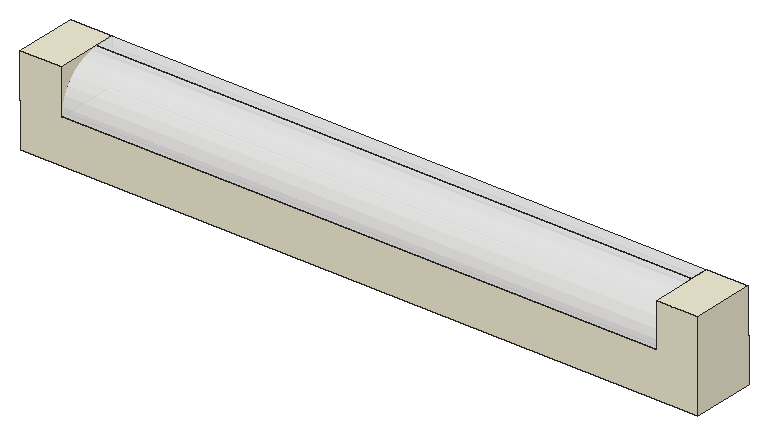
Revit family "3-547-xx-BPxx - 37-547-xx-BPxx - Balance (Vanity)", category Lighting Fixtures, host Face, Revit 2018
Family settings
  Host = Face
  Round Connector Dimension = Use Diameter
  Part Type = Normal
  Cut with Voids When Loaded = No
  Light Source = No
  Shared = No
  Room Calculation Point = No
Parameters (values of type "3-547-20 / 37-547-20 - Balance")
  Wattage Comments = "14.5 W at 120 V"  # constant formula
  Voltage Input [instance] = "120 V or 277 V 50/60Hz"  # constant formula
  URL = "www.oxygenlighting.com"
  Other = none
  References [instance] = "Ref. 3 = 120V / Ref. 37 = 277 V"  # constant formula
  Model = "3-547-xx-BPxx / 37-547-xx-BPxx - Balance"  # constant formula
  Metal Finish = 20 - Polished Nickel
  Manufacturer = "Oxygen Lighting"  # constant formula
  Lamp = "LED Array"  # constant formula
  Fixture = 3-547 Balance : 3-547 Balance
  Diffuser = Matte White Acrylic
  Default Elevation = 0.00"
Types (5): name | Metal Finish | Fixture
  (no name) | 20 - Polished Nickel | 3-547 Balance : 3-547 Balance
  3-547-20 / 37-547-20 - Balance | 20 - Polished Nickel | 3-547 Balance : 3-547 Balance
  3-547-20-BP20 / 37-547-20-BP20 - Balance | 20 - Polished Nickel | 3-547 Balance BP : 3-547 Balance BP
  3-547-24-BP24 / 37-547-24-BP24 - Balance | 24 - Satin Nickel | 3-547 Balance BP : 3-547 Balance BP
  3-547-24 / 37-547-24 - Balance | 24 - Satin Nickel | 3-547 Balance : 3-547 Balance
Reference planes (in)
  plane 1 "Center (Front/Back)": y = 0
  plane 2: z = 0
  plane 3 "Center (Left/Right)": x = 0
Dimensions and locks (in)
  aligned and locked: plane 2 to host face
  aligned and locked: level to host face
Nested families (in)
  nested 1: "3-547 Balance" at (0, 0, 0) x (-1, 0, 0) z (0, 0, 1), type <- "Fixture", type "3-547 Balance"
Definition of nested family "3-547 Balance"
  Parameters (values of type "3-547 Balance")
    Wattage = 14.5 W
    built-in parameter 1150110 = 1 (stored number, unit not read)
    built-in parameter 1114217 = 1 (stored number, unit not read)
    Tilt Angle = 0.00°  # constant formula
    built-in parameter 1150109 = 1 (stored number, unit not read)
    built-in parameter 1150134 = (empty or 0)
    built-in parameter 1150113 = 1 (stored number, unit not read)
    Photometric Web File = "3-547 Balance Vanity.ies"
    Metal Finish = none
    built-in parameter 1150105 = 81.117 (stored number, unit not read)
    Lumens = 1019.35 lm
    built-in parameter 1150115 = 1 (stored number, unit not read)
    built-in parameter 1150137 = (empty or 0)
    built-in parameter 1150139 = (empty or 0)
    built-in parameter 1150112 = 1 (stored number, unit not read)
    built-in parameter 1150114 = 1 (stored number, unit not read)
    built-in parameter 1150132 = (empty or 0)
    built-in parameter 1150102 = (empty or 0)
    built-in parameter 1150107 = 3000 (stored number, unit not read)
    built-in parameter 1150138 = (empty or 0)
    built-in parameter 1150106 = 0.81117 (stored number, unit not read)
    Emit from Rectangle Width = 22.00"  # constant formula
    Emit from Rectangle Length = 1.00"  # constant formula
    Emit Shape Visible in Rendering = no
    built-in parameter 1150104 = 6.5311 (stored number, unit not read)
    Dimming Lamp Color Temperature Shift = (empty or 0)
    Diffuser = none
    Color Filter = 16777215
    built-in parameter 1114218 = 1 (stored number, unit not read)
    built-in parameter 1150133 = 10 (stored number, unit not read)
  Reference planes (in)
    plane 1 "Center (Front/Back)": y = 0
    plane 2: z = 0
    plane 3 "Center (Left/Right)": x = 0
    plane 4: z = 4
  Dimensions and locks (in)
    aligned and locked: plane 2 to level
    aligned and locked: imposter light to plane 3 "Center (Left/Right)"
  Nested families (in)
    nested 1: "3-547 Balance Construction" at (0, 0, 0), type "3-547 Balance Construction"
  Definition of nested family "3-547 Balance Construction"
    Parameters (values of type "3-547 Balance Construction")
      Others 2 = none
      Others 1 = none
      Metal Finish = none
      Main Diffuser = none
      Diffuser = none
      2nd Diffuser = none
    Reference planes (in)
      plane 1 "Center (Front/Back)": y = 0
      plane 2: z = 0
      plane 3 "Center (Left/Right)": x = 0
      plane 4: y = 0
    Forms (in)
      Extrusion 1, solid, material <- "Diffuser"
        sketch origin (0, 58.89848, -3) x (0, 0, -1) y (0, -1, 0)
          loop
            line (-6.5, 60.14848) -> (-6.5, 59.39848)
            arc (-6.5, 59.39848) -> (-5.98744, 58.16104) -> (-4.75, 57.64848) r 1.75
            line (-4.75, 57.64848) -> (-4.75, 60.14848) -> (-6.5, 60.14848)
        from -11.75 to 11.75
      Extrusion 2, void
        sketch origin (0, 78.02373, -3) x (0, 0, -1) y (0, -1, 0)
          loop
            line (-4.25, 77.05659) -> (-4.25, 79.07373) -> (-6.3, 79.07373) -> (-6.3, 78.52373)
            arc (-6.3, 78.52373) -> (-5.65208, 77.26327) -> (-4.25, 77.05659) r 1.55
        from -11.75 to 11.75
      Extrusion 3, solid, material <- "Metal Finish"
        sketch origin (0, 3.9678, 0) x (0, 0, 1) y (0, -1, 0)
          loop
            line (0, 5.2178) -> (0, 2.7178) -> (3.5, 2.7178) -> (3.5, 5.2178) -> (0, 5.2178)
        from -13.375 to 13.375
      Extrusion 4, void
        sketch origin (0, 3.9678, 0) x (0, 0, 1) y (0, -1, 0)
          loop
            line (1.75, 5.2178) -> (1.75, 2.7178) -> (3.5, 2.7178) -> (3.5, 5.2178) -> (1.75, 5.2178)
        from -11.75 to 11.75
    Cuts and joins
      Extrusion 4 cuts Extrusion 3
      Extrusion 2 cuts Extrusion 1
    Lines and regions (in)
      model lines
        curve 1: line (-4, 0, 0) -> (4, 0, 0)
        curve 2: line (0, -4, 0) -> (0, 4, 0)
      symbolic lines
        curve 3: circle (0, 0, 0) r 2 normal (0, 0, 1)
      model lines, not visible
        curve 4: line (-13.0722, 21.77075, 0) -> (-5.0722, 21.77075, 0)
        curve 5: line (-9.0722, 17.77075, 0) -> (-9.0722, 25.77075, 0)
      symbolic lines, not visible
        curve 6: circle (-9.0722, 21.77075, 0) r 2 normal (0, 0, 1)
    Text (in)
      text "M.C." at (0.88973, 1.62995, 0), in view "Ref. Level"
      text "M.C." at (-8.18247, 23.4007, 0), in view "Ref. Level", not visible
    Dimensions and locks (in)
      aligned and locked: plane 2 to level
